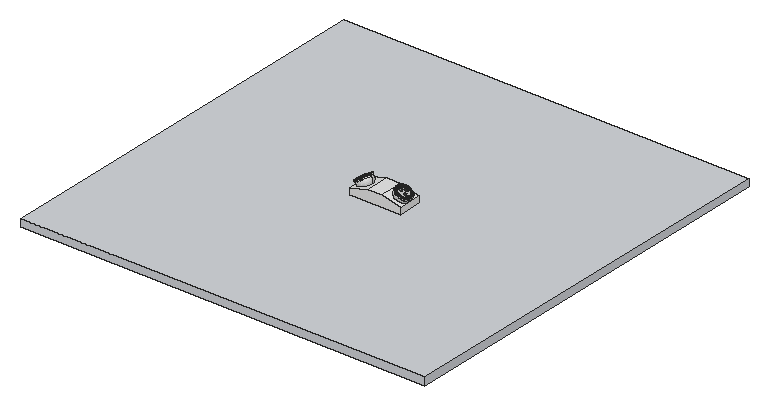
Revit family "CU2HL", category Lighting Fixtures, host Face, Revit 2021
Family settings
  Host = Face
  Round Connector Dimension = Use Diameter
  Part Type = Normal
  OmniClass Number = 23.80.70.11.14.17
  OmniClass Title = Direct/Indirect
  Cut with Voids When Loaded = No
  Light Source = No
  Shared = Yes
  Room Calculation Point = No
Parameters (values of type "CU2HL")
  zz Angle = if(Angle Tilt < 45°, 45°, if(Angle Tilt > 89.5°, 89.5°, Angle Tilt))  # 60°
  Wings = Paint - Light Silver
  Width = 12.125"
  Watts = 3 W
  Wattage Comments = "3W"
  Warranty = " 5 year Warranty"  # constant formula
  Voltage = 120 V
  URL = "https://www.currentlighting.com/compass"
  Reflector Finish = White Glass
  Product Page URL = ""
  Product Documentation URL = ""
  Power Factor = 1
  Mounting = Paint - Light Silver
  Model = "CU2HL"  # constant formula
  Manufacturer = "Compass Products"  # constant formula
  Load Classification = Lighting
  Length = 24.000"
  Lamp = "LED"  # constant formula
  Housing Material = Paint - White Texture
  Glass = Glass
  Fixture distribution = "Direct"  # constant formula
  Height = 2.500"
  Description = "The CU2HL Series is a high lumen output emergency light which includes a longlife Lithium Iron Phosphate battery, and adjustable high-power LED lamp heads"  # constant formula
  Default Elevation = 48.000"
  Copyright = " © Compass Products"  # constant formula
  Contact = ""
  Connector Description = "Lighting Connector"  # constant formula
  Black = Paint - White Texture
  Assembly Code = "D5020200"
  Apparent Load = Watts / Power Factor  # 3 VA
  Angle Tilt = 60°
Reference planes (in)
  plane 1 "Center (Front/Back)": y = 0
  plane 2: z = 0.5561
  plane 3 "Center (Left/Right)": x = 0
  plane 4: z = -5.92028
  plane 5: z = 3.0561
  plane 6: y = 4.0249
  plane 7: y = -4.0249
  plane 8: y = -6.0625
  plane 9: y = 6.0625
  plane 10: z = 16.60335
  plane 11: x = -12
  plane 12: x = 12
  plane 13: x = -8
  plane 14: x = 8
  plane 15: x = -2.8
  plane 16: x = 2.8
  plane 17: z = 1.3061
  plane 18: z = 2.0561
Forms (in)
  Extrusion 1, solid
    sketch origin (0, 0, 0) x (1, 0, 0) y (0, 1, 0)
      loop
        line (-48, 48) -> (-48, -48) -> (48, -48) -> (48, 48) -> (-48, 48)
    from 0.5561 to -1.25
  Extrusion 2, solid, material "Paint - White Texture" <- "Housing Material"
    sketch origin (0, 0, 0) x (1, 0, 0) y (0, 0, 1)
      loop
        line (6.0625, 0.5561) -> (6.0625, 2.0561)
        arc (6.0625, 2.0561) -> (0, 3.17349) -> (-6.0625, 2.0561) r 17.00503
        line (-6.0625, 2.0561) -> (-6.0625, 0.5561) -> (6.0625, 0.5561)
    from -2.8 to 2.8
  Extrusion 3, void
    sketch origin (0, 0, 0) x (1, 0, 0) y (0, 0, 1)
      loop
        line (1.84372, 4.02995) -> (0.8313, 3.32104)
        arc (0.8313, 3.32104) -> (4.24829, 2.4138) -> (7.69172, 1.61273) r 114.22506
        line (7.69172, 1.61273) -> (7.73144, 3.929) -> (1.84372, 4.02995)
      loop
        line (-1.80853, 4.03055) -> (-7.73144, 3.929) -> (-7.69172, 1.61273)
        arc (-7.69172, 1.61273) -> (-4.53648, 2.34244) -> (-1.40318, 3.16129) r 114.22506
        line (-1.40318, 3.16129) -> (-1.80853, 4.03055)
    from -2.8 to 2.8
Cuts and joins
  Extrusion 3 cuts Extrusion 2
Dimensions and locks (in)
  plane 2 to plane 4 = 6.47638"
  "Height": plane 5 to Extrusion 1
  equal spacing: plane 7, plane 1 "Center (Front/Back)", plane 6
  plane 7 to plane 6 = 8.0498"
  "Width": plane 9 to plane 8
  equal spacing: plane 9, plane 1 "Center (Front/Back)", plane 8
  equal spacing: plane 12, plane 3 "Center (Left/Right)", plane 11
  "Length": plane 12 to plane 11
  locked: plane 13 to plane 11 at 4
  locked: plane 12 to plane 14 at 4
  plane 6 to plane 7 = 8.0498"
  locked: plane 5 to plane 18 at 1
  "zz Angle": angle nested 1 to plane 17
  "zz Angle": angle plane 17 to nested 2
  aligned and locked: plane 2 to Extrusion 1
Automatic sketch dimensions
  Extrusion 1 sketch curve to Extrusion 1 sketch curve = 96.000"  (x2)
  Extrusion 3 sketch curve to plane 11 = 19.84859"
  plane 13 to Extrusion 3 sketch curve = 0.26856"
  plane 13 to Extrusion 3 sketch curve = 0.30828"
  plane 15 to Extrusion 3 sketch curve = 0.99147"
  Extrusion 3 sketch curve to plane 5 = 0.10519"
  Extrusion 3 sketch curve to Extrusion 3 sketch curve = 0.40534"
  Extrusion 3 sketch curve to plane 5 = 0.26494"
  plane 3 "Center (Left/Right)" to Extrusion 3 sketch curve = 0.8313"
  Extrusion 3 sketch curve to plane 16 = 0.95628"
  Extrusion 3 sketch curve to plane 14 = 0.30828"
  Extrusion 3 sketch curve to plane 14 = 0.26856"
  plane 12 to Extrusion 3 sketch curve = 19.84859"
  level to Extrusion 3 sketch curve = 1.61273"  (x2)
  Extrusion 3 sketch curve to plane 5 = 0.8729"  (x2)
  Extrusion 2 sketch curve to plane 2 = 0.000"
  Extrusion 2 sketch curve to plane 18 = 0.000"  (x2)
  Extrusion 2 sketch curve to plane 3 "Center (Left/Right)" = 0.000"
  plane 13 to Extrusion 2 sketch curve = 1.9375"
  Extrusion 2 sketch curve to plane 4 = 7.91126"
Nested families (in)
  nested 1: "Family2" at (-3.02719, 1, 0.19913) x (-0.5, 0, 0.866) z (0, -1, 0), type "Family2"
  nested 2: "Family2" at (2.80352, 1, 0.28785) x (0.5, 0, 0.866) z (0, -1, 0), type "Family2"
Connectors (in)
  electrical at (0, 0, 0.5561), driven by "Voltage", driven by "Apparent Load", driven by "Power Factor", driven by "Connector Description", driven by "Load Classification"
    settings: on cut or joined group of Extrusion 2, Extrusion 3, index 1, voltage 120 V, apparent load 3 VA, apparent load phase1 0 VA, apparent load phase2 0 VA, apparent load phase3 0 VA, power factor 1, load classification "Lighting", number of poles 1, system type 30, power factor state 1, is connector primary yes, connector utility no, sub classification motor no, connector description "Lighting Connector"
Definition of nested family "Family2"
  Parameters
    Wattage = 3 W
    built-in parameter 1150110 = 1 (stored number, unit not read)
    built-in parameter 1114217 = 1 (stored number, unit not read)
    Tilt Angle = 60°
    built-in parameter 1150109 = 1 (stored number, unit not read)
    built-in parameter 1150134 = 3
    built-in parameter 1150113 = 1 (stored number, unit not read)
    Photometric Web File = "CU2HL.ies"
    built-in parameter 1150105 = 23.873 (stored number, unit not read)
    Lumens = 300 lm
    built-in parameter 1150115 = 1 (stored number, unit not read)
    built-in parameter 1150137 = (empty or 0)
    built-in parameter 1150139 = (empty or 0)
    built-in parameter 1150112 = 1 (stored number, unit not read)
    built-in parameter 1150114 = 1 (stored number, unit not read)
    LED = none
    built-in parameter 1150132 = (empty or 0)
    built-in parameter 1150102 = (empty or 0)
    built-in parameter 1150107 = 3200 (stored number, unit not read)
    built-in parameter 1150138 = (empty or 0)
    built-in parameter 1150106 = 0.23873 (stored number, unit not read)
    Housing = none
    White = none
    Glass = none
    built-in parameter 1150104 = 9.2903 (stored number, unit not read)
    Dimming Lamp Color Temperature Shift = (empty or 0)
    Default Elevation = 48.000"
    Color Filter = 16777215
    built-in parameter 1114218 = 1 (stored number, unit not read)
    built-in parameter 1150133 = 10 (stored number, unit not read)
  Reference planes (in)
    plane 1 "Center (Front/Back)": y = 0
    plane 2: z = 0
    plane 3 "Center (Left/Right)": x = 0
    plane 4: x = 8.125
    plane 5: y = 2.875
    plane 6: y = -2.875
  Forms (in)
    Extrusion 1, solid
      sketch origin (0, 0, 0) x (1, 0, 0) y (0, 1, 0)
        loop
          line (-48, 48) -> (-48, -48) -> (48, -48) -> (48, 48) -> (-48, 48)
      from 0 to -12
    Revolve 2, solid, material <- "White"
      sketch origin (1.125, 0, 1) x (1, 0, 0) y (0, 1, 0)
        loop
          arc (0.49336, 0) -> (1.09877, 1.3466) -> (2.5, 1.81179) r 1.83562
          line (2.5, 1.81179) -> (2.5, 1.87493)
          arc (2.5, 1.87493) -> (1.02391, 1.40253) -> (0.36442, 0) r 1.94066
          line (0.36442, 0) -> (0.49336, 0)
        axis (2.5, 0) -> (0.36442, 0)
      angle from 0 to 360
    Revolve 3, solid, material <- "Housing"
      sketch origin (1.125, 0, 1) x (1, 0, 0) y (0, 1, 0)
        loop
          line (2.69799, 1.87433) -> (2.5, 1.87433) -> (2.5, 1.32124) -> (2.66565, 1.32124) -> (2.66565, 1.82124) -> (2.69799, 1.82124) -> (2.69799, 1.87433)
        axis (2.69799, 0) -> (2.5, 0)
      angle from 0 to 360
    Extrusion 4, solid, material <- "Glass"
      sketch origin (0, 0, 0) x (0, 1, 0) y (0, 0, 1)
        loop
          circle (0, 1) r 1.32124
        loop
          circle (0.60157, 1.30615) r 0.39776
        loop
          circle (-0.01506, 0.33984) r 0.39776
        loop
          circle (-0.61496, 1.30615) r 0.39776
      from 3.625 to 3.82299
    Extrusion 5, solid, material <- "LED"
      sketch origin (0, 0, 0) x (0, 1, 0) y (0, 0, 1)
        loop
          circle (0.60157, 1.30615) r 0.39776
        loop
          circle (-0.61496, 1.30615) r 0.39776
        loop
          circle (-0.01506, 0.33984) r 0.39776
      from 3.625 to 3.82299
    Extrusion 6, void
      sketch origin (0, 0, 0) x (0, 1, 0) y (0, 0, 1)
        loop
          line (-0.02778, 2.7239) -> (-0.02778, 2.45599) -> (0.0338, 2.45599) -> (0.0338, 2.7239) -> (-0.02778, 2.7239)
        loop
          line (0.27199, 2.70253) -> (0.22547, 2.4387) -> (0.28612, 2.428) -> (0.33264, 2.69184) -> (0.27199, 2.70253)
        loop
          line (0.5635, 2.62944) -> (0.47187, 2.37769) -> (0.52974, 2.35663) -> (0.62137, 2.60837) -> (0.5635, 2.62944)
        loop
          line (0.83789, 2.50683) -> (0.70393, 2.27482) -> (0.75727, 2.24403) -> (0.89122, 2.47604) -> (0.83789, 2.50683)
        loop
          line (1.08682, 2.33844) -> (0.91461, 2.13322) -> (0.96179, 2.09363) -> (1.13399, 2.29886) -> (1.08682, 2.33844)
        loop
          line (1.30272, 2.12939) -> (1.0975, 1.95718) -> (1.13708, 1.91) -> (1.34231, 2.08221) -> (1.30272, 2.12939)
        loop
          line (1.47905, 1.88601) -> (1.24703, 1.75206) -> (1.27783, 1.69872) -> (1.50984, 1.83268) -> (1.47905, 1.88601)
        loop
          line (1.61043, 1.61572) -> (1.35868, 1.52409) -> (1.37975, 1.46622) -> (1.6315, 1.55784) -> (1.61043, 1.61572)
        loop
          line (1.69288, 1.32671) -> (1.42905, 1.28019) -> (1.43974, 1.21954) -> (1.70358, 1.26606) -> (1.69288, 1.32671)
        loop
          line (1.7239, 1.02778) -> (1.45599, 1.02778) -> (1.45599, 0.9662) -> (1.7239, 0.9662) -> (1.7239, 1.02778)
        loop
          line (1.70253, 0.72801) -> (1.4387, 0.77453) -> (1.428, 0.71388) -> (1.69184, 0.66736) -> (1.70253, 0.72801)
        loop
          line (1.62944, 0.4365) -> (1.37769, 0.52813) -> (1.35663, 0.47026) -> (1.60837, 0.37863) -> (1.62944, 0.4365)
        loop
          line (1.50683, 0.16211) -> (1.27482, 0.29607) -> (1.24403, 0.24273) -> (1.47604, 0.10878) -> (1.50683, 0.16211)
        loop
          line (1.33844, -0.08682) -> (1.13322, 0.08539) -> (1.09363, 0.03821) -> (1.29886, -0.13399) -> (1.33844, -0.08682)
        loop
          line (1.12939, -0.30272) -> (0.95718, -0.0975) -> (0.91, -0.13708) -> (1.08221, -0.34231) -> (1.12939, -0.30272)
        loop
          line (0.88601, -0.47905) -> (0.75206, -0.24703) -> (0.69872, -0.27783) -> (0.83268, -0.50984) -> (0.88601, -0.47905)
        loop
          line (-0.27199, 2.70253) -> (-0.33264, 2.69184) -> (-0.28612, 2.428) -> (-0.22547, 2.4387) -> (-0.27199, 2.70253)
        loop
          line (-0.5635, 2.62944) -> (-0.62137, 2.60837) -> (-0.52974, 2.35663) -> (-0.47187, 2.37769) -> (-0.5635, 2.62944)
        loop
          line (-0.83789, 2.50683) -> (-0.89122, 2.47604) -> (-0.75727, 2.24403) -> (-0.70393, 2.27482) -> (-0.83789, 2.50683)
        loop
          line (-1.08682, 2.33844) -> (-1.13399, 2.29886) -> (-0.96179, 2.09363) -> (-0.91461, 2.13322) -> (-1.08682, 2.33844)
        loop
          line (-1.30272, 2.12939) -> (-1.34231, 2.08221) -> (-1.13708, 1.91) -> (-1.0975, 1.95718) -> (-1.30272, 2.12939)
        loop
          line (-1.47905, 1.88601) -> (-1.50984, 1.83268) -> (-1.27783, 1.69872) -> (-1.24703, 1.75206) -> (-1.47905, 1.88601)
        loop
          line (-1.61043, 1.61572) -> (-1.6315, 1.55784) -> (-1.37975, 1.46622) -> (-1.35868, 1.52409) -> (-1.61043, 1.61572)
        loop
          line (-1.69288, 1.32671) -> (-1.70358, 1.26606) -> (-1.43974, 1.21954) -> (-1.42905, 1.28019) -> (-1.69288, 1.32671)
        loop
          line (-1.7239, 1.02778) -> (-1.7239, 0.9662) -> (-1.45599, 0.9662) -> (-1.45599, 1.02778) -> (-1.7239, 1.02778)
        loop
          line (-1.70253, 0.72801) -> (-1.69184, 0.66736) -> (-1.428, 0.71388) -> (-1.4387, 0.77453) -> (-1.70253, 0.72801)
        loop
          line (-1.62944, 0.4365) -> (-1.60837, 0.37863) -> (-1.35663, 0.47026) -> (-1.37769, 0.52813) -> (-1.62944, 0.4365)
        loop
          line (-1.50683, 0.16211) -> (-1.47604, 0.10878) -> (-1.24403, 0.24273) -> (-1.27482, 0.29607) -> (-1.50683, 0.16211)
        loop
          line (-1.33844, -0.08682) -> (-1.29886, -0.13399) -> (-1.09363, 0.03821) -> (-1.13322, 0.08539) -> (-1.33844, -0.08682)
        loop
          line (-1.12939, -0.30272) -> (-1.08221, -0.34231) -> (-0.91, -0.13708) -> (-0.95718, -0.0975) -> (-1.12939, -0.30272)
        loop
          line (-0.88601, -0.47905) -> (-0.83268, -0.50984) -> (-0.69872, -0.27783) -> (-0.75206, -0.24703) -> (-0.88601, -0.47905)
        loop
          line (-0.02778, -0.7239) -> (0.0338, -0.7239) -> (0.0338, -0.45599) -> (-0.02778, -0.45599) -> (-0.02778, -0.7239)
        loop
          line (0.27199, -0.70253) -> (0.33264, -0.69184) -> (0.28612, -0.428) -> (0.22547, -0.4387) -> (0.27199, -0.70253)
        loop
          line (0.5635, -0.62944) -> (0.62137, -0.60837) -> (0.52974, -0.35663) -> (0.47187, -0.37769) -> (0.5635, -0.62944)
        loop
          line (-0.27199, -0.70253) -> (-0.22547, -0.4387) -> (-0.28612, -0.428) -> (-0.33264, -0.69184) -> (-0.27199, -0.70253)
        loop
          line (-0.5635, -0.62944) -> (-0.47187, -0.37769) -> (-0.52974, -0.35663) -> (-0.62137, -0.60837) -> (-0.5635, -0.62944)
      from 3.625 to 3.82299
  Cuts and joins
    Extrusion 6 cuts Revolve 2
    Extrusion 6 cuts Revolve 3
  Lines and regions (in)
    reference lines
      curve 1: line (1.125, 0, 102.71882) -> (1.125, 0, -24)
      curve 2: line (1.125, 0, 2.10236) -> (7.375, 0, 2.10236)
  Dimensions and locks (in)
    aligned and locked: plane 2 to Extrusion 1
    aligned and locked: level to Extrusion 1
